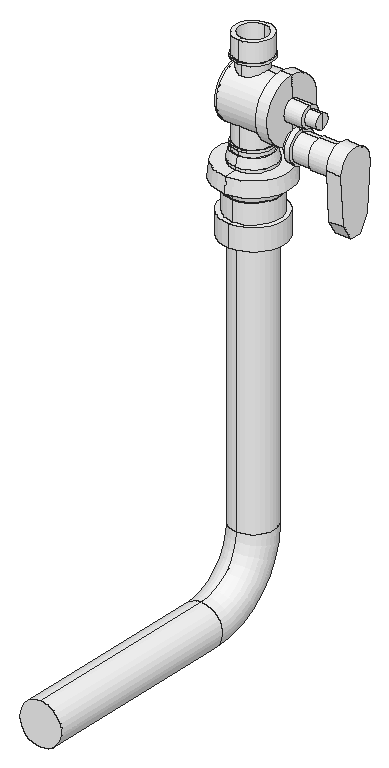
Revit family "NBS_WallgateLtd_WCFlshngVlves_DFKIT03", category Pipe Accessories, Revit 2014
Parameters
  WorkingPressure = 0
  Weight = "1.0 kg"
  WarrantyStartDate [instance] = "n/a"
  WarrantyGuarantorParts = "n/a"
  WarrantyGuarantorLabor = "n/a"
  WarrantyDurationUnit = "year"
  WarrantyDurationParts = "1"
  WarrantyDurationLabor = "n/a"
  WarrantyDescription = "n/a"
  WallThickness [instance] = 100 mm
  Version = "1"  # constant formula
  ValveOperation = "Other"
  ValveMechanism = "Unset"
  ValveMaterial = NBS_Concept
  Uniclass2 = "45-31-93/491"
  ThirdPartyCertification = "EN 55014, EN 60730-2-8-1, WRAS compliant"
  TestPressure = "10.0"
  TagNumber [instance] = "n/a"
  SustainabilityPerformance = "n/a"
  Size = "25.4"
  Shape = "n/a"
  SerialNumber [instance] = "n/a"
  Revision = "n/a"
  ReplacementCost = "n/a"
  Reference = "n/a"
  ProductInformation = "www.wallgate.com/products/wc-toilet-urinal-flushing-range/electronic-direct-flushing-range"
  PipeMaterial = NBS_Concept
  PipeLengthVerticalCalc [instance] = if(PipeLengthVertical < MinimumPipeLengthVertical, MinimumPipeLengthVertical, PipeLengthVertical)  # 300 mm
  PipeLengthVertical [instance] = 300 mm
  PipeLengthHorizontalWallOffset [instance] = 96.5 mm
  PipeLengthHorizontal [instance] = (WallThickness + PipeLengthHorizontalWallOffset + 50 mm)  # 246.5 mm
  PipeDiameter = 38.5 mm
  OperationOptions = "Piezo touch buttons or infrared sensors"
  Operation = "n/a"
  OperatingMechanismMaterial = "n/a"
  NominalWidth = 67 mm
  NominalLength = 126 mm
  NominalHeight = 163 mm
  Name = "WCFlushingValves_DFKIT03_WallgateLtd"
  NBSTypeID = "n/a"
  NBSReference = "45-35-70/389"
  NBSOfficeMasterTag = "n/a"
  NBSNote = "n/a"
  NBSDescription = "WC flushing valves"
  NBSCertification = "www.nationalbimlibrary.com/cert/4i1hahw3"
  ModelReference = "n/a"
  ModelNumber = "DFKIT03"
  MinimumPipeLengthVertical = 300 mm  # constant formula
  Material = "n/a"
  ManufacturerURL = "www.wallgate.com"
  ManufacturerName = "Wallgate Ltd"  # constant formula
  Manufacturer = "sales@wallgate.com"
  IsHighPressure = yes
  IntegralAccessoryOptions = "WDC Electronic Controllers, PBA Piezo Touch Buttons, PBA-IR Infra-Red Activation Sensors, WVC Flush Valve Cables, VCWC Vitreous China WC's, CWC-100 Wall Hung WC Pans, CWC-150 Anti-Ligature Back-to-Wall WC Pans, CWC-170 Corner Fit Back-to-Wall WC Pan, CWC-80 Back-to-Wall WC Pan"
  IntegralAccessories = "n/a"
  InstallationDate [instance] = "1900-12-31T23:59:59"
  InletConnectionDiameter = 25.4 mm
  IfcExportType = "FLUSHING"  # constant formula
  IfcExportAs = "IfcValveType"  # constant formula
  HasIntegralShutOffDevice = yes
  Grade = "n/a"
  Form = "WC flush valve with airbreak"
  FlushingRate = 1.5
  FlowCoefficient = 0
  Finish = "n/a"
  Features = "Highly cost effective, highly energy and water efficient"
  ExpectedLife = "n/a"
  DurationUnit = "year"
  Description = "Electronic activation WC direct flush valve, with WRAS approval"
  Constituents = "n/a"
  Color = "n/a"
  CodePerformance = "n/a"
  CloseOffRating = 0
  Category = "n/a"
  BodyMaterial = "Polyamide 66"
  BarCode [instance] = "n/a"
  BIMObjectName = "NBS_WallgateLtd_WCFlushingValves_DFKIT03"
  Author = "NBS"  # constant formula
  AssetType = "Fixed"
  AssetIdentifier [instance] = "n/a"
  AccessibilityPerformance = "n/a"
Reference planes
  plane 1 "Center (Front/Back)": y = 0
  plane 2: z = 0
  plane 3 "Center (Left/Right)": x = 0
  plane 4: y = 100
  plane 5 "Unit": y = 196.5
  plane 6: y = -50
  plane 7: z = 300
  plane 8: z = 60
  plane 9: y = 136.5
  plane 10 "Plug": x = 69.8
  plane 11 "Top": z = 467.581
Forms (mm)
  Revolve 1, solid, material "NBS_Concept" <- "ValveMaterial", detail levels fine
    sketch origin (0, 0, 0) x (0, 1, 0) y (0, 0, 1)
      loop
        line (196.5, 467.6) -> (196.5, 300) -> (224.545, 300) -> (224.545, 320) -> (220.3, 320) -> (220.3, 338.157) -> (220.377, 339.042) -> (222.854, 347.68) -> (229.951, 347.68) -> (228.54, 361.1) -> (216.4, 361.1) -> (216.4, 363.46) -> (214.5, 372) -> (213, 372) -> (213, 376.2) -> (214, 376.2) -> (214, 378.2) -> (212.5, 378.2) -> (212.5, 403.6)
        arc (212.5, 403.6) -> (211.061, 404.195) -> (209.6, 404.733) r 40
        line (209.6, 404.733) -> (209.6, 448.4) -> (214, 448.4) -> (214, 450.4) -> (213, 450.4) -> (213, 467.6) -> (196.5, 467.6)
      axis (196.5, 467.6) -> (196.5, 300)
    angle from 0 to 360
  Revolve 2, solid, material "NBS_Concept" <- "ValveMaterial", detail levels fine
    sketch origin (0, 196.5, 0) x (-1, 0, 0) y (0, 0, 1)
      loop
        line (-25.5, 440.066) -> (-25.5, 443.766) -> (-35.5, 443.766) -> (-35.5, 424.55) -> (-52.5, 424.55) -> (-52.5, 421.6) -> (-63.7, 421.6) -> (-63.7, 415.066) -> (17.5, 415.066) -> (17.5, 436.564)
        arc (17.5, 436.564) -> (16.474, 439.04) -> (13.998, 440.066) r 3.502
        line (13.998, 440.066) -> (-25.5, 440.066)
      axis (-63.7, 415.066) -> (17.5, 415.066)
    angle from 0 to 360
  Revolve 3, solid, material "NBS_Concept" <- "ValveMaterial", detail levels fine
    sketch origin (0, 196.5, 0) x (-1, 0, 0) y (0, 0, 1)
      loop
        line (-45.233, 399.817) -> (-61.8, 399.817) -> (-61.8, 400.95) -> (-81.1, 400.95) -> (-81.1, 387.6) -> (-35.5, 387.6) -> (-35.5, 397.5) -> (-40.4, 397.5) -> (-40.4, 402.09) -> (-45.233, 402.09) -> (-45.233, 399.817)
      axis (-81.1, 387.6) -> (-35.5, 387.6)
    angle from 0 to 360
  Sweep 4, solid, material "NBS_Concept" <- "PipeMaterial", detail levels fine
    path origin (0, 0, 0) x (0, 1, 0) y (0, 0, 1)
      loop
        line (-50, 0) -> (136.5, 0)
        arc (136.5, 0) -> (178.926, 17.574) -> (196.5, 60) r 60
        line (196.5, 60) -> (196.5, 300)
    profile origin (0, 43.25, 0) x (0, 0, 1) y (1, 0, 0)
      loop
        circle (0, 0) r 19.25
  Extrusion 5, solid, material "NBS_Concept" <- "ValveMaterial", detail levels fine
    sketch origin (69.8, 0, 0) x (0, 1, 0) y (0, 0, 1)
      loop
        line (201.5, 330.6) -> (209.714, 343.948) -> (213, 387.6)
        arc (213, 387.6) -> (196.5, 404.1) -> (180, 387.6) r 16.5
        line (180, 387.6) -> (183.286, 343.948) -> (191.5, 330.6) -> (201.5, 330.6)
    from 11.3 to 25
  Extrusion 6, void
    sketch origin (0, 0, 467.581) x (0, 1, 0) y (-1, 0, 0)
      loop
        circle (196.5, 0) r 12.75
    from 0.019 to -17.2
Cuts and joins
  Extrusion 6 cuts Revolve 1
  joined: Revolve 1, Revolve 2, Revolve 3, Extrusion 5
Lines and regions (mm)
  model lines, detail levels coarse+medium
    curve 1: line (0, -50, 0) -> (0, 136.5, 0)
    curve 2: line (0, 196.5, 60) -> (0, 196.5, 300)
    curve 3: arc (0, 196.5, 60) -> (0, 178.926, 17.574) -> (0, 136.5, 0) r 60
    curve 4: line (0, 216.5, 300) -> (0, 176.5, 300)
    curve 5: line (0, -50, 20) -> (0, -50, -20)
    curve 6: line (0, 216.5, 467.581) -> (0, 176.5, 467.581)
    curve 7: line (0, 216.5, 467.581) -> (0, 176.5, 300)
    curve 8: line (0, 176.5, 467.581) -> (0, 216.5, 300)
    curve 9: line (0, 196.5, 383.79) -> (0, 166.5, 383.79)
    curve 10: line (0, 166.5, 398.79) -> (0, 166.5, 368.79)
    curve 11: line (0, 166.5, 398.79) -> (0, 136.5, 398.79)
    curve 12: line (0, 136.5, 398.79) -> (0, 136.5, 368.79)
    curve 13: line (0, 136.5, 368.79) -> (0, 166.5, 368.79)
  symbolic lines, detail levels coarse+medium
    curve 14: line (-20, 196.5, 300) -> (20, 196.5, 300)
    curve 15: line (-20, 196.5, 467.581) -> (20, 196.5, 467.581)
    curve 16: line (-20, 196.5, 467.581) -> (20, 196.5, 300)
    curve 17: line (20, 196.5, 467.581) -> (-20, 196.5, 300)
    curve 18: line (0, 196.5, 383.79) -> (30, 196.5, 383.79)
    curve 19: line (30, 196.5, 368.79) -> (30, 196.5, 398.79)
    curve 20: line (30, 196.5, 398.79) -> (60, 196.5, 398.79)
    curve 21: line (60, 196.5, 398.79) -> (60, 196.5, 368.79)
    curve 22: line (60, 196.5, 368.79) -> (30, 196.5, 368.79)
Dimensions and locks
  "WallThickness": plane 1 "Center (Front/Back)" to plane 4
  "PipeLengthHorizontalWallOffset": plane 5 "Unit" to plane 4
  plane 6 to plane 1 "Center (Front/Back)" = 50 mm  (x2)
  "PipeLengthVerticalCalc": plane 7 to plane 2
  locked: plane 8 to plane 2 at 60
  locked: plane 5 "Unit" to plane 9 at 60
  locked: plane 5 "Unit" to text3d elem at 34.837
  locked: text3d elem to plane 7 at 74.474
  plane 11 "Top" to plane 7 = 167.581 mm
  aligned and locked: level to plane 2
  aligned and locked: Revolve 1 sketch curve to plane 5 "Unit"
  aligned and locked: Extrusion 6 to Revolve 1
Automatic sketch dimensions
  Revolve 1 sketch curve to plane 5 "Unit" = 0 mm  (x2)
  Revolve 1 sketch curve to plane 7 = 0 mm
  plane 7 to Revolve 1 sketch curve = 20 mm
  Revolve 1 sketch curve to Revolve 1 sketch curve = 3.4 mm
  Revolve 1 sketch curve to Revolve 1 sketch curve = 0.5 mm
  Revolve 1 sketch curve to Revolve 1 sketch curve = 1 mm
  Revolve 1 sketch curve to Revolve 1 sketch curve = 1.5 mm  (x2)
  Revolve 1 sketch curve to Revolve 1 sketch curve = 1.9 mm
  Revolve 1 sketch curve to Revolve 1 sketch curve = 0.077 mm
  Revolve 1 sketch curve to Revolve 1 sketch curve = 2.477 mm
  Revolve 1 sketch curve to Revolve 1 sketch curve = 4.245 mm
  Revolve 1 sketch curve to Revolve 1 sketch curve = 12.14 mm
  Revolve 1 sketch curve to Revolve 1 sketch curve = 7.096 mm
  Revolve 1 sketch curve to Revolve 1 sketch curve = 2.9 mm
  Revolve 1 sketch curve to Revolve 1 sketch curve = 19.042 mm
  Revolve 1 sketch curve to Revolve 1 sketch curve = 8.638 mm
  Revolve 1 sketch curve to Revolve 1 sketch curve = 13.42 mm
  Revolve 1 sketch curve to Revolve 1 sketch curve = 2.36 mm
  Revolve 1 sketch curve to Revolve 1 sketch curve = 8.54 mm
  Revolve 1 sketch curve to Revolve 1 sketch curve = 4.2 mm
  Revolve 1 sketch curve to Revolve 1 sketch curve = 2 mm  (x2)
  Revolve 1 sketch curve to Revolve 1 sketch curve = 17.2 mm
  Revolve 1 sketch curve to plane 7 = 130 mm
  Revolve 1 sketch curve to Revolve 1 sketch curve = 0.886 mm
  Revolve 1 sketch curve to Revolve 1 sketch curve = 57.4 mm
  Sweep 4 sketch curve to level = 0 mm
  Sweep 4 sketch curve to plane 9 = 0 mm
  Sweep 4 sketch curve to plane 6 = 0 mm
  Sweep 4 sketch curve to plane 5 "Unit" = 0 mm
  Sweep 4 sketch curve to plane 7 = 0 mm
  Sweep 4 sketch curve to plane 3 "Center (Left/Right)" = 0 mm
  Sweep 4 sketch curve to profile plane = 0 mm
  Extrusion 5 sketch curve to plane 5 "Unit" = 13.214 mm
  Extrusion 5 sketch curve to plane 5 "Unit" = 5 mm
  plane 7 to Extrusion 5 sketch curve = 30.6 mm
  Extrusion 5 sketch curve to plane 5 "Unit" = 0 mm
  plane 5 "Unit" to Extrusion 5 sketch curve = 5 mm
  plane 5 "Unit" to Extrusion 5 sketch curve = 13.214 mm
  Extrusion 5 sketch curve to plane 5 "Unit" = 16.5 mm
  Extrusion 5 sketch curve to Extrusion 5 sketch curve = 13.348 mm  (x2)
  Extrusion 5 sketch curve to Extrusion 5 sketch curve = 43.652 mm
  plane 10 "Plug" to Revolve 3 sketch curve = 11.3 mm
  plane 7 to Revolve 3 sketch curve = 87.6 mm
  Revolve 3 sketch curve to plane 10 "Plug" = 8 mm  (x2)
  Revolve 3 sketch curve to Revolve 3 sketch curve = 16.567 mm
  Revolve 3 sketch curve to Revolve 3 sketch curve = 4.833 mm
  Revolve 3 sketch curve to Revolve 3 sketch curve = 4.9 mm
  plane 3 "Center (Left/Right)" to Revolve 3 sketch curve = 14.747 mm
  Revolve 3 sketch curve to Revolve 3 sketch curve = 9.9 mm
  Revolve 3 sketch curve to Revolve 3 sketch curve = 2.317 mm
  Revolve 3 sketch curve to Revolve 3 sketch curve = 1.133 mm
  Revolve 3 sketch curve to Revolve 3 sketch curve = 2.273 mm
  Revolve 3 sketch curve to Revolve 3 sketch curve = 0 mm
  Revolve 2 sketch curve to plane 10 "Plug" = 17.3 mm
  Revolve 2 sketch curve to plane 3 "Center (Left/Right)" = 17.5 mm
  plane 7 to Revolve 2 sketch curve = 115.066 mm
  Revolve 2 sketch curve to Revolve 2 sketch curve = 17 mm
  Revolve 2 sketch curve to Revolve 2 sketch curve = 10 mm  (x2)
  Revolve 2 sketch curve to Revolve 2 sketch curve = 3.502 mm
  Revolve 2 sketch curve to plane 10 "Plug" = 6.1 mm
  Revolve 2 sketch curve to Revolve 2 sketch curve = 65.823 mm
  Revolve 2 sketch curve to Revolve 2 sketch curve = 6.534 mm
  Revolve 2 sketch curve to Revolve 2 sketch curve = 2.95 mm
  Revolve 2 sketch curve to Revolve 2 sketch curve = 21.498 mm
  Revolve 2 sketch curve to Revolve 2 sketch curve = 3.7 mm
  Revolve 2 sketch curve to Revolve 2 sketch curve = 0 mm
  curve 16 to plane 7 = 0 mm
  curve 22 to plane 10 "Plug" = 9.8 mm
  plane 7 to curve 22 = 68.79 mm
  curve 18 to plane 3 "Center (Left/Right)" = 0 mm
  curve 20 to curve 19 = 30 mm
  plane 3 "Center (Left/Right)" to curve 17 = 20 mm
  plane 3 "Center (Left/Right)" to curve 16 = 20 mm
  curve 17 to plane 3 "Center (Left/Right)" = 20 mm
  curve 16 to plane 3 "Center (Left/Right)" = 20 mm
  curve 22 to curve 20 = 30 mm
  curve 19 to curve 15 = 68.79 mm
  curve 1 to level = 0 mm
  curve 1 to plane 9 = 0 mm
  curve 12 to plane 9 = 0 mm
  curve 2 to plane 5 "Unit" = 0 mm
  curve 8 to plane 5 "Unit" = 20 mm
  plane 7 to curve 8 = 167.581 mm
  curve 5 to plane 6 = 0 mm
  curve 9 to plane 5 "Unit" = 0 mm
  curve 2 to plane 7 = 0 mm
  curve 12 to curve 10 = 30 mm
  curve 5 to level = 20 mm
  curve 1 to curve 5 = 20 mm
  curve 7 to plane 5 "Unit" = 20 mm
  plane 5 "Unit" to curve 7 = 20 mm
  plane 7 to curve 12 = 98.79 mm
  plane 7 to curve 13 = 68.79 mm
  plane 5 "Unit" to curve 4 = 20 mm
  Extrusion 6 sketch curve to plane 3 "Center (Left/Right)" = 0 mm
  Extrusion 6 sketch curve to plane 5 "Unit" = 0 mm
  Revolve 1 sketch curve to plane 11 "Top" = 19.181 mm
  Revolve 1 sketch curve to Revolve 1 sketch curve = 5.061 mm
  plane 5 "Unit" to Revolve 1 sketch curve = 13.1 mm
  Revolve 1 sketch curve to Revolve 1 sketch curve = 25.4 mm
  Revolve 1 sketch curve to Revolve 1 sketch curve = 3.9 mm
  radius of Sweep 4 sketch curve = 19.25 mm
  radius of Extrusion 6 sketch curve = 12.75 mm
Connectors
  piping at (0, -50, 0), diameter 38.5, driven by "PipeDiameter"
    settings: on Sweep 4, index 1, connector inside diameter 40 mm, connector length 0 mm, flow factor 0, pipe flow 0.0 L/s, pressure drop 0.0 Pa, fitting loss kfactor 0, connector angle 0.00°, fixture units 0, engagement length 0 mm, angle of deflection 0.00°, flow configuration 0, flow direction 0, fitting loss method 0, system type 7, joint type 0, gender type 0, connector reference index -1, connector utility 0, adjustable connector no, is connector primary yes, connector description ""
  piping at (0, 196.5, 467.6), diameter 25.4, driven by "InletConnectionDiameter"
    settings: on Extrusion 6, index 2, connector inside diameter 25.6 mm, connector length 0 mm, flow factor 0, pipe flow 0.0 L/s, pressure drop 0.0 Pa, fitting loss kfactor 0, connector angle 0.00°, fixture units 0, engagement length 0 mm, angle of deflection 0.00°, flow configuration 0, flow direction 0, fitting loss method 0, system type 7, joint type 0, gender type 0, connector reference index -1, connector utility 0, adjustable connector no, is connector primary no, connector description ""
  electrical at (87.95, 196.5, 330.6)
    settings: on cut or joined group of Revolve 1, Revolve 2, Revolve 3, Extrusion 5, Extrusion 6, index 3, voltage 0 V, apparent load 0 VA, apparent load phase1 0 VA, apparent load phase2 0 VA, apparent load phase3 0 VA, power factor 1, load classification "Other", number of poles 1, system type 13, power factor state 1, is connector primary yes, connector utility no, sub classification motor no, connector description "4 m flush valve cable"
